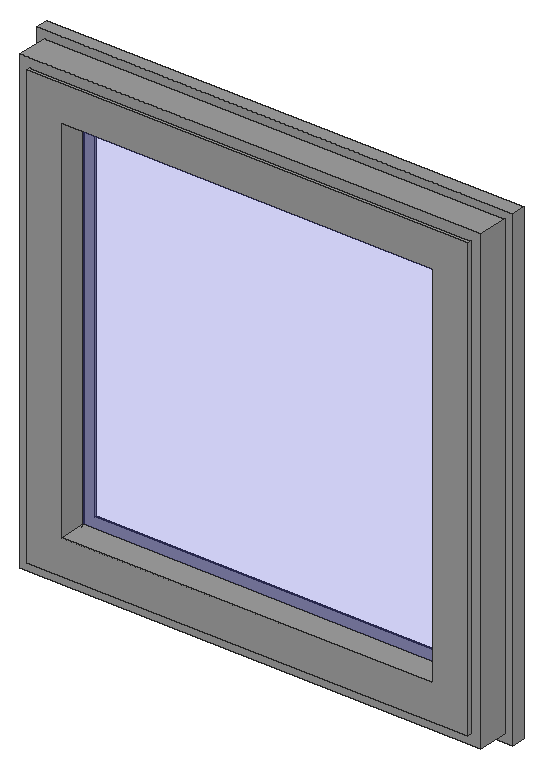
Revit family "3375 ICCW_v02", category Windows, host Wall, Revit 2015
Parameters
  Wall Thickness [instance] = 0' - 6"
  URL = "obe.com"
  Rough Width = Width + 0' 1 1/4"  # 3' - 1 1/4"
  Rough Height = Height + 0' 1 1/4"  # 3' - 1 1/4"
  Offset Limitation [instance] = if((Offset + 0' 3 3/8") > Wall Thickness, (Wall Thickness - 0' 3 3/8"), Offset)  # 0' - 0"
  Offset [instance] = 0' - 0"
  Model = "3375 ICCW"
  Manufacturer = "Oldcastle BuildingEnvelope®"
  Keynote = "08 51 00"
  Height = 3' - 0"
  Glass Material = Glass
  Gasket Material = Gasket
  Frame Material = Aluminum
  Description = "SIGNATURE SERIES 3375"
  Default Sill Height = 3' - 0"
  Wall Closure = By host
  Width = 3' - 0"
  Assembly Code = "B2020"
Reference planes (in)
  plane 1 "Center (Front/Back)": y = 0
  plane 2: z = 0
  plane 3 "Center (Left/Right)": x = 0
  plane 4 "Left": x = -18.625
  plane 5 "Right": x = 18.625
  plane 6 "Sill": z = 36
  plane 7 "Top": z = 73.25
  plane 8: x = 18
  plane 9: x = -18
  plane 10: z = 72.625
  plane 11: z = 36.625
  plane 12 "Offset": y = 3
  plane 13: z = 39.3045
  plane 14: z = 69.94685
  plane 15 "INT": y = 1.51
  plane 16: z = 54.625
Forms (in)
  Sweep 1, solid, material "Aluminum" <- "Frame Material"
    path origin (0, 3, 0) x (1, 0, 0) y (0, 0, 1)
      loop
        line (-18, 73.25) -> (-18, 36)
    profile origin (-18, 3, 54.625) x (0, -1, 0) y (1, 0, 0)
      loop
        line (0, 2) -> (0, -0.625) -> (1, -0.625) -> (1, 0) -> (3.375, 0) -> (3.375, 1) -> (0.07, 1) -> (0.07, 2) -> (0, 2)
  Sweep 2, solid, material "Aluminum" <- "Frame Material"
    path origin (0, 3, 0) x (1, 0, 0) y (0, 0, 1)
      loop
        line (18, 73.25) -> (18, 36)
    profile origin (18, 3, 54.625) x (0, -1, 0) y (1, 0, 0)
      loop
        line (0, 0.625) -> (0, -2) -> (0.07, -2) -> (0.07, -1) -> (3.375, -1) -> (3.375, 0) -> (1, 0) -> (1, 0.625) -> (0, 0.625)
  Sweep 3, solid, material "Aluminum" <- "Frame Material"
    path origin (0, 3, 0) x (1, 0, 0) y (0, 0, 1)
      loop
        line (18.625, 72.625) -> (-18.625, 72.625)
    profile origin (0, 3, 72.625) x (0, 0, -1) y (0, -1, 0)
      loop
        line (-0.625, 1) -> (-0.625, 0) -> (2, 0) -> (2, 0.07) -> (1, 0.07) -> (1, 3.375) -> (0, 3.375) -> (0, 1) -> (-0.625, 1)
  Sweep 4, solid, material "Aluminum" <- "Frame Material"
    path origin (0, 3, 0) x (1, 0, 0) y (0, 0, 1)
      loop
        line (18.625, 36.625) -> (-18.625, 36.625)
    profile origin (0, 3, 36.625) x (0, 0, -1) y (0, -1, 0)
      loop
        line (-1.00004, 3.375) -> (-1.00004, 0.07) -> (-2.00011, 0.07) -> (-2.00011, 0) -> (0.625, 0) -> (0.625, 1) -> (-0.00135, 1) -> (-0.00135, 3.375) -> (-1.00004, 3.375)
  Sweep 5, void
    path origin (0, 3, 0) x (1, 0, 0) y (0, 0, 1)
      loop
        line (18, 72.625) -> (-18, 72.625) -> (-18, 36.625) -> (18, 36.625) -> (18, 72.625)
    profile origin (0, 3, 72.625) x (0, 0, -1) y (0, -1, 0)
      loop
        line (-0.625, 3.705) -> (-0.625, 1) -> (0, 1) -> (0, 3.375) -> (0.75946, 3.375) -> (0.75946, 3.705) -> (-0.625, 3.705)
  Extrusion 6, solid, material "Glass" <- "Glass Material"
    sketch origin (0, 0, 36) x (0, -1, 0) y (1, 0, 0)
      loop
        line (-2.51, -15.32185) -> (-1.51, -15.32185) -> (-1.51, 15.32185) -> (-2.51, 15.32185) -> (-2.51, -15.32185)
    from 3.3045 to 33.94685
  Sweep 7, solid, material "Gasket" <- "Gasket Material", detail levels fine
    path origin (0, 3, 0) x (1, 0, 0) y (0, 0, 1)
      loop
        line (18, 72.625) -> (-18, 72.625) -> (-18, 36.625) -> (18, 36.625) -> (18, 72.625)
    profile origin (0, 3, 72.625) x (0, 0, -1) y (0, -1, 0)
      loop
        arc (3.25399, 1.615) -> (3.2125, 1.54944) -> (3.26236, 1.49) r 0.06575
        line (3.26236, 1.49) -> (3.38792, 1.49)
        arc (3.38792, 1.49) -> (3.43754, 1.54955) -> (3.39601, 1.615) r 0.06578
        line (3.39601, 1.615) -> (3.25399, 1.615)
  Sweep 8, solid, material "Aluminum" <- "Frame Material"
    path origin (0, 3, 0) x (1, 0, 0) y (0, 0, 1)
      loop
        line (17.24054, 72.625) -> (-17.24054, 72.625)
    profile origin (0, 3, 72.625) x (0, 0, -1) y (0, -1, 0)
      loop
        line (3.5, 3.705) -> (0.75946, 3.705) -> (0.75946, 3.375) -> (1.46812, 3.375) -> (1.46812, 0.11312) -> (2.125, 0.11312) -> (2.125, 0) -> (2.42815, 0) -> (2.42815, 0.33) -> (3.5, 0.33) -> (3.5, 0.49) -> (2.67815, 0.49) -> (2.67815, 1.615) -> (3.5, 1.615) -> (3.5, 3.705)
  Sweep 9, solid, material "Aluminum" <- "Frame Material"
    path origin (0, 3, 0) x (1, 0, 0) y (0, 0, 1)
      loop
        line (17.24054, 36.625) -> (-17.24054, 36.625)
    profile origin (0, 3, 36.625) x (0, 0, -1) y (0, -1, 0)
      loop
        line (-1.46812, 3.375) -> (-0.75946, 3.375) -> (-0.75946, 3.705) -> (-3.5, 3.705) -> (-3.5, 1.615) -> (-2.67815, 1.615) -> (-2.67815, 0.49) -> (-3.5, 0.49) -> (-3.5, 0.33) -> (-2.42815, 0.33) -> (-2.42815, 0) -> (-2.125, 0) -> (-2.125, 0.11312) -> (-1.46812, 0.11312) -> (-1.46812, 3.375)
  Sweep 10, solid, material "Aluminum" <- "Frame Material"
    path origin (0, 3, 0) x (1, 0, 0) y (0, 0, 1)
      loop
        line (-18, 71.86554) -> (-18, 37.38446)
    profile origin (-18, 3, 54.625) x (0, -1, 0) y (1, 0, 0)
      loop
        line (3.705, 3.5) -> (1.615, 3.5) -> (1.615, 2.67815) -> (0.49, 2.67815) -> (0.49, 3.5) -> (0.33, 3.5) -> (0.33, 2.42815) -> (0, 2.42815) -> (0, 2.125) -> (0.11312, 2.125) -> (0.11312, 1.46812) -> (3.375, 1.46812) -> (3.375, 0.75946) -> (3.705, 0.75946) -> (3.705, 3.5)
  Sweep 11, solid, material "Aluminum" <- "Frame Material"
    path origin (0, 3, 0) x (1, 0, 0) y (0, 0, 1)
      loop
        line (18, 71.86554) -> (18, 37.38446)
    profile origin (18, 3, 54.625) x (0, -1, 0) y (1, 0, 0)
      loop
        line (1.615, -3.5) -> (3.705, -3.5) -> (3.705, -0.75946) -> (3.375, -0.75946) -> (3.375, -1.46812) -> (0.11312, -1.46812) -> (0.11312, -2.125) -> (0, -2.125) -> (0, -2.42815) -> (0.33, -2.42815) -> (0.33, -3.5) -> (0.49, -3.5) -> (0.49, -2.67815) -> (1.615, -2.67815) -> (1.615, -3.5)
  Sweep 12, void
    path origin (0, 3, 0) x (1, 0, 0) y (0, 0, 1)
      loop
        line (-18, 38.75) -> (-18, 70.5)
    profile origin (-18, 3, 54.625) x (-1, 0, 0) y (0, -1, 0)
      loop
        line (-2, 0) -> (-2, 0.11312) -> (-2.125, 0.11312) -> (-2.125, 0) -> (-2, 0)
  Sweep 13, void
    path origin (0, 3, 0) x (1, 0, 0) y (0, 0, 1)
      loop
        line (18, 38.75) -> (18, 70.5)
    profile origin (18, 3, 54.625) x (-1, 0, 0) y (0, -1, 0)
      loop
        line (2.125, 0.11312) -> (2, 0.11312) -> (2, 0) -> (2.125, 0) -> (2.125, 0.11312)
  Sweep 14, void
    path origin (0, 3, 0) x (1, 0, 0) y (0, 0, 1)
      loop
        line (15.875, 36.625) -> (-15.875, 36.625)
    profile origin (0, 3, 36.625) x (0, 0, -1) y (0, -1, 0)
      loop
        line (-2.125, 0.11312) -> (-2.125, 0) -> (-2.00011, 0) -> (-2.00011, 0.11312) -> (-2.125, 0.11312)
  Sweep 15, void
    path origin (0, 3, 0) x (1, 0, 0) y (0, 0, 1)
      loop
        line (-15.875, 72.625) -> (15.875, 72.625)
    profile origin (0, 3, 72.625) x (0, 0, 1) y (0, -1, 0)
      loop
        line (-2.125, 0.11312) -> (-2.125, 0) -> (-2, 0) -> (-2, 0.11312) -> (-2.125, 0.11312)
Cuts and joins
  Sweep 5, Sweep 12, Sweep 13, Sweep 14, Sweep 15 cuts Sweep 1
  Sweep 5, Sweep 12, Sweep 13, Sweep 14, Sweep 15 cuts Sweep 2
  Sweep 5, Sweep 12, Sweep 13, Sweep 14, Sweep 15 cuts Sweep 3
  Sweep 5, Sweep 12, Sweep 13, Sweep 14, Sweep 15 cuts Sweep 4
  Sweep 12, Sweep 13, Sweep 14, Sweep 15 cuts Sweep 8
  Sweep 12, Sweep 13, Sweep 14, Sweep 15 cuts Sweep 9
  Sweep 12, Sweep 13, Sweep 14, Sweep 15 cuts Sweep 10
  Sweep 12, Sweep 13, Sweep 14, Sweep 15 cuts Sweep 11
  joined: Sweep 1, Sweep 2, Sweep 3, Sweep 4, Sweep 8, Sweep 9, Sweep 10, Sweep 11
Lines and regions (in)
  Opening 1
    outline origin (-60, -3, 0) x (1, 0, 0) y (0, 0, 1)
      loop
        line (41.375, 73.25) -> (41.375, 36) -> (78.625, 36) -> (78.625, 73.25) -> (41.375, 73.25)
  model lines, style "Opening Direction"
    curve 1: line (14.5, 1.51, 69.125) -> (-14.50074, 1.51, 54.625)
    curve 2: line (14.5, 1.51, 40.12635) -> (-14.50074, 1.51, 54.625)
Text (in)
  text "EXTERIOR" at (-58.6888, 50.90694, 0), in view "Ref. Level"
  text "INTERIOR" at (-58.6888, -37.76638, 0), in view "Ref. Level"
  text "Exterior" at (0, 43.65631, 123.19604), in view "Left"
  text "Exterior" at (0, 18.29385, 125.04747), in view "Right"
  text "Min Size\n\n20\" width x 22\" height\n\n\n\nMax Size\n\n48\" x 72\"\n\n\n\n\n\nOperable Width must be less than or equal to height" at (125.21809, 71.33429, 0), in view "Ref. Level"
Dimensions and locks (in)
  equal spacing: plane 4 "Left", plane 3 "Center (Left/Right)", plane 5 "Right"
  "Rough Height": plane 6 "Sill" to plane 7 "Top"
  "Default Sill Height": plane 2 to plane 6 "Sill"
  locked: plane 6 "Sill" to plane 11 at 0.625
  locked: plane 8 to plane 5 "Right" at 0.625
  "Height": plane 11 to plane 10
  "Offset Limitation": plane 12 "Offset" to host wall
  "Wall Thickness": host wall to host wall
  "Width": plane 9 to plane 8
  "Rough Width": plane 4 "Left" to plane 5 "Right"
  Extrusion 6 sketch curve to Extrusion 6 sketch curve to plane 12 "Offset" = 0' - 1" locked, 0' - 0.49" locked
  locked: plane 11 to plane 13 at 2.6795
  locked: plane 14 to plane 10 at 2.67815
  locked: plane 15 "INT" to plane 12 "Offset" at 1.49
  equal spacing: plane 6 "Sill", plane 16, plane 7 "Top"
  aligned and locked: plane 7 "Top" to Opening 1 sketch curve
  aligned and locked: plane 6 "Sill" to Opening 1 sketch curve  (x2)
  aligned and locked: plane 5 "Right" to Opening 1 sketch curve
  aligned and locked: plane 4 "Left" to Opening 1 sketch curve
  aligned and locked: level to plane 2
  aligned and locked: plane 13 to Extrusion 6
  aligned and locked: Extrusion 6 to plane 14
  aligned and locked: plane 16 to curve 2
  aligned and locked: plane 10 to Sweep 8 sketch curve
  aligned and locked: plane 11 to Sweep 9 sketch curve
  aligned and locked: Sweep 10 sketch curve to plane 9
  aligned and locked: plane 9 to Sweep 12 sketch curve
  aligned and locked: plane 8 to Sweep 13 sketch curve
  aligned and locked: plane 11 to Sweep 14 sketch curve
  aligned and locked: Sweep 15 sketch curve to plane 10
Automatic sketch dimensions
  Sweep 1 sketch curve to plane 6 "Sill" = 0' - 0"
  plane 9 to Sweep 1 sketch curve = 0' - 0"
  Sweep 1 sketch curve to plane 7 "Top" = 0' - 0"
  Sweep 1 sketch curve to profile plane = 0' - 0"
  plane 12 "Offset" to Sweep 1 sketch curve = 0' - 1"
  Sweep 1 sketch curve to Sweep 1 sketch curve = 0' - 0 5/8"
  Sweep 2 sketch curve to plane 6 "Sill" = 0' - 0"
  plane 8 to Sweep 2 sketch curve = 0' - 0"
  Sweep 2 sketch curve to plane 7 "Top" = 0' - 0"
  plane 12 "Offset" to Sweep 2 sketch curve = 0' - 0"
  Sweep 2 sketch curve to profile plane = 0' - 0"
  plane 12 "Offset" to Sweep 2 sketch curve = 0' - 1"
  Sweep 2 sketch curve to Sweep 2 sketch curve = 0' - 0 5/8"
  plane 4 "Left" to Sweep 3 sketch curve = 0' - 0"
  plane 5 "Right" to Sweep 3 sketch curve = 0' - 0"
  Sweep 3 sketch curve to plane 10 = 0' - 0"
  Sweep 3 sketch curve to profile plane = 0' - 0"
  profile plane to Sweep 3 sketch curve = 0' - 0 5/8"
  plane 12 "Offset" to Sweep 3 sketch curve = 0' - 1"
  Sweep 3 sketch curve to profile plane = 0' - 2"
  plane 4 "Left" to Sweep 4 sketch curve = 0' - 0"
  plane 5 "Right" to Sweep 4 sketch curve = 0' - 0"
  Sweep 4 sketch curve to plane 11 = 0' - 0"
  plane 9 to Sweep 5 sketch curve = 0' - 0"
  plane 8 to Sweep 5 sketch curve = 0' - 0"
  Sweep 5 sketch curve to plane 11 = 0' - 0"
  Sweep 5 sketch curve to plane 10 = 0' - 0"
  plane 12 "Offset" to Sweep 5 sketch curve = 0' - 3.705"
  profile plane to Sweep 5 sketch curve = 0' - 0 5/8"
  Sweep 5 sketch curve to Sweep 5 sketch curve = 0' - 0.33"
  plane 12 "Offset" to Sweep 5 sketch curve = 0' - 1"
  Sweep 5 sketch curve to profile plane = 0' - 0"
  Sweep 5 sketch curve to profile plane = 0' - 0.75946"
  Extrusion 6 sketch curve to plane 9 = 0' - 2.67815"
  plane 8 to Extrusion 6 sketch curve = 0' - 2.67815"
  plane 9 to Sweep 7 sketch curve = 0' - 0"
  plane 8 to Sweep 7 sketch curve = 0' - 0"
  Sweep 7 sketch curve to plane 11 = 0' - 0"
  Sweep 7 sketch curve to plane 10 = 0' - 0"
  plane 12 "Offset" to Sweep 7 sketch curve = 0' - 1.55384"
  Sweep 7 sketch curve to profile plane = 0' - 3.27811"
  Sweep 7 sketch curve to Sweep 7 sketch curve = 0' - 0.09378"
  Sweep 7 sketch curve to Sweep 7 sketch curve = 0' - 0.00004"
  Sweep 7 sketch curve to Sweep 7 sketch curve = 0' - 0.01575"
  Sweep 7 sketch curve to Sweep 7 sketch curve = 0' - 0.01604"
  Sweep 7 sketch curve to Sweep 7 sketch curve = 0' - 0.00837"
  Sweep 7 sketch curve to Sweep 7 sketch curve = 0' - 0.00809"
  curve 1 to plane 9 = 0' - 3.49926"
  curve 2 to plane 13 = 0' - 0.82185"
  plane 8 to curve 2 = 0' - 3 1/2"
  plane 14 to curve 1 = 0' - 0.82185"
  plane 8 to curve 1 = 0' - 3 1/2"
  Sweep 3 sketch curve to Sweep 3 sketch curve = 0' - 2 3/8"
  Sweep 3 sketch curve to profile plane = 0' - 1"
  Sweep 3 sketch curve to plane 12 "Offset" = 0' - 0"
  plane 12 "Offset" to Sweep 3 sketch curve = 0' - 0.07"
  profile plane to Sweep 4 sketch curve = 0' - 0.00135"
  Sweep 4 sketch curve to profile plane = 0' - 0 5/8"
  plane 12 "Offset" to Sweep 4 sketch curve = 0' - 1"
  Sweep 4 sketch curve to Sweep 4 sketch curve = 0' - 2 3/8"
  Sweep 4 sketch curve to Sweep 4 sketch curve = 0' - 0.99869"
  plane 12 "Offset" to Sweep 4 sketch curve = 0' - 0.07"
  Sweep 4 sketch curve to Sweep 4 sketch curve = 0' - 1.00008"
  Sweep 4 sketch curve to plane 12 "Offset" = 0' - 0"
  Sweep 1 sketch curve to Sweep 1 sketch curve = 0' - 2 3/8"
  plane 12 "Offset" to Sweep 1 sketch curve = 0' - 0"
  Sweep 1 sketch curve to profile plane = 0' - 2"
  plane 12 "Offset" to Sweep 1 sketch curve = 0' - 0.07"
  Sweep 1 sketch curve to profile plane = 0' - 1"
  Sweep 2 sketch curve to Sweep 2 sketch curve = 0' - 2 3/8"
  profile plane to Sweep 2 sketch curve = 0' - 1"
  plane 12 "Offset" to Sweep 2 sketch curve = 0' - 0.07"
  Sweep 2 sketch curve to Sweep 2 sketch curve = 0' - 1"
  Sweep 8 sketch curve to plane 9 = 0' - 0.75946"
  plane 8 to Sweep 8 sketch curve = 0' - 0.75946"
  Sweep 9 sketch curve to plane 9 = 0' - 0.75946"
  plane 8 to Sweep 9 sketch curve = 0' - 0.75946"
  Sweep 9 sketch curve to plane 12 "Offset" = 0' - 0"
  plane 12 "Offset" to Sweep 9 sketch curve = 0' - 0.49"
  profile plane to Sweep 9 sketch curve = 0' - 3 1/2"
  Sweep 9 sketch curve to Sweep 9 sketch curve = 0' - 0"
  Sweep 9 sketch curve to Sweep 9 sketch curve = 0' - 0.82185"
  Sweep 9 sketch curve to Sweep 9 sketch curve = 0' - 0 1/4"
  Sweep 9 sketch curve to Sweep 9 sketch curve = 0' - 0.30315"
  plane 12 "Offset" to Sweep 9 sketch curve = 0' - 0.11312"
  Sweep 9 sketch curve to Sweep 9 sketch curve = 0' - 0.65688"
  Sweep 9 sketch curve to Sweep 9 sketch curve = 0' - 0.70866"
  Sweep 9 sketch curve to Sweep 9 sketch curve = 0' - 0.16"
  Sweep 9 sketch curve to Sweep 9 sketch curve = 0' - 1 1/8"
  Sweep 9 sketch curve to Sweep 9 sketch curve = 0' - 1.76"
  Sweep 9 sketch curve to Sweep 9 sketch curve = 0' - 0.33"
  Sweep 8 sketch curve to plane 12 "Offset" = 0' - 0"
  Sweep 8 sketch curve to profile plane = 0' - 0.75946"
  Sweep 8 sketch curve to Sweep 8 sketch curve = 0' - 0.70866"
  Sweep 8 sketch curve to Sweep 8 sketch curve = 0' - 0.65688"
  Sweep 8 sketch curve to Sweep 8 sketch curve = 0' - 0.30315"
  Sweep 8 sketch curve to Sweep 8 sketch curve = 0' - 0 1/4"
  Sweep 8 sketch curve to Sweep 8 sketch curve = 0' - 0.82185"  (x2)
  Sweep 8 sketch curve to Sweep 8 sketch curve = 0' - 0.11312"
  plane 12 "Offset" to Sweep 8 sketch curve = 0' - 0.33"
  Sweep 8 sketch curve to Sweep 8 sketch curve = 0' - 0.16"
  Sweep 8 sketch curve to Sweep 8 sketch curve = 0' - 1 1/8"
  Sweep 8 sketch curve to Sweep 8 sketch curve = 0' - 1.76"
  Sweep 8 sketch curve to Sweep 8 sketch curve = 0' - 0.33"
  Sweep 10 sketch curve to plane 11 = 0' - 0.75946"
  plane 10 to Sweep 10 sketch curve = 0' - 0.75946"
  Sweep 10 sketch curve to profile plane = 0' - 0.75946"
  Sweep 10 sketch curve to Sweep 10 sketch curve = 0' - 0.33"  (x2)
  Sweep 10 sketch curve to Sweep 10 sketch curve = 0' - 0.11312"
  Sweep 10 sketch curve to Sweep 10 sketch curve = 0' - 3.26188"
  Sweep 10 sketch curve to Sweep 10 sketch curve = 0' - 0.70866"
  Sweep 10 sketch curve to Sweep 10 sketch curve = 0' - 0.65688"
  Sweep 10 sketch curve to Sweep 10 sketch curve = 0' - 0.30315"
  Sweep 10 sketch curve to Sweep 10 sketch curve = 0' - 0.16"
  Sweep 10 sketch curve to Sweep 10 sketch curve = 0' - 1.07185"
  Sweep 10 sketch curve to Sweep 10 sketch curve = 0' - 0 1/4"
  Sweep 10 sketch curve to Sweep 10 sketch curve = 0' - 1 1/8"
  Sweep 10 sketch curve to Sweep 10 sketch curve = 0' - 0.82185"
  plane 12 "Offset" to Sweep 10 sketch curve = 0' - 0"
  plane 8 to Sweep 11 sketch curve = 0' - 0"
  Sweep 11 sketch curve to plane 11 = 0' - 0.75946"
  plane 10 to Sweep 11 sketch curve = 0' - 0.75946"
  profile plane to Sweep 11 sketch curve = 0' - 0.75946"
  Sweep 11 sketch curve to Sweep 11 sketch curve = 0' - 1.76"
  plane 12 "Offset" to Sweep 11 sketch curve = 0' - 0"
  plane 12 "Offset" to Sweep 11 sketch curve = 0' - 0.11312"
  Sweep 11 sketch curve to Sweep 11 sketch curve = 0' - 1 3/8"
  Sweep 11 sketch curve to Sweep 11 sketch curve = 0' - 0.65688"
  Sweep 11 sketch curve to Sweep 11 sketch curve = 0' - 0.70866"
  plane 12 "Offset" to Sweep 11 sketch curve = 0' - 0.33"
  Sweep 11 sketch curve to Sweep 11 sketch curve = 0' - 0.30315"
  Sweep 11 sketch curve to Sweep 11 sketch curve = 0' - 1.07185"
  Sweep 11 sketch curve to Sweep 11 sketch curve = 0' - 0 1/4"
  Sweep 11 sketch curve to Sweep 11 sketch curve = 0' - 1.285"
  Sweep 11 sketch curve to Sweep 11 sketch curve = 0' - 0.33"
  Sweep 11 sketch curve to Sweep 11 sketch curve = 0' - 0.16"
  plane 13 to Sweep 12 sketch curve = 0' - 0.5545"
  Sweep 12 sketch curve to plane 14 = 0' - 0.55315"
  plane 12 "Offset" to Sweep 12 sketch curve = 0' - 0"
  profile plane to Sweep 12 sketch curve = 0' - 2 1/8"
  Sweep 12 sketch curve to Sweep 12 sketch curve = 0' - 0 1/8"
  Sweep 12 sketch curve to Sweep 12 sketch curve = 0' - 0.11312"
  Sweep 13 sketch curve to plane 11 = 0' - 2 1/8"
  Sweep 13 sketch curve to plane 14 = 0' - 0.55315"
  plane 12 "Offset" to Sweep 13 sketch curve = 0' - 0"
  plane 12 "Offset" to Sweep 13 sketch curve = 0' - 0.11312"
  Sweep 13 sketch curve to profile plane = 0' - 2"
  Sweep 13 sketch curve to Sweep 13 sketch curve = 0' - 0 1/8"
  Sweep 14 sketch curve to plane 9 = 0' - 2 1/8"
  plane 8 to Sweep 14 sketch curve = 0' - 2 1/8"
  Sweep 14 sketch curve to plane 12 "Offset" = 0' - 0"
  profile plane to Sweep 14 sketch curve = 0' - 2 1/8"
  Sweep 14 sketch curve to Sweep 14 sketch curve = 0' - 0.12489"
  Sweep 14 sketch curve to Sweep 14 sketch curve = 0' - 0.11312"
  Sweep 15 sketch curve to plane 9 = 0' - 2 1/8"
  plane 8 to Sweep 15 sketch curve = 0' - 2 1/8"
  Sweep 15 sketch curve to plane 12 "Offset" = 0' - 0"
  profile plane to Sweep 15 sketch curve = 0' - 2 1/8"
  Sweep 15 sketch curve to Sweep 15 sketch curve = 0' - 0 1/8"
  plane 12 "Offset" to Sweep 15 sketch curve = 0' - 0.11312"
